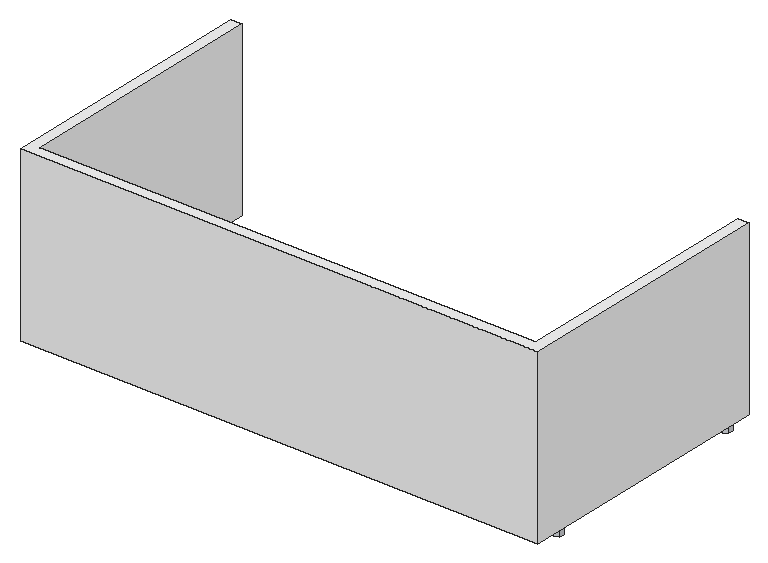
Revit family "WashbasinUnit-BoxFor80cmUnit-Vitra-İntegraSeries-65608+65588+65587", category Furniture Systems, host Face, Revit 2017
Family settings
  Host = Face
  Round Connector Dimension = Use Diameter
  Part Type = Normal
  OmniClass Number = 23.40.00.00
  OmniClass Title = Equipment and Furnishings
  Cut with Voids When Loaded = No
  Shared = Yes
  Room Calculation Point = No
Parameters (values of type "WashbasinUnit-BoxFor80cmUnit-Vitra-İntegraSeries-65587")
  Youtube = "https://www.youtube.com/user/VitrAglobal"
  Width(mm) = 764 mm
  Weight Net (kg) = "6,3"
  Warranty Period (Year) = "2"
  Uniformat II Description = "FURNISHINGS"
  Uniformat II Code = "E20"
  Uniclass 2015 Name = "Wash basins, sinks and troughs"
  Uniclass 2015 Code = "Pr_40_20_93"
  Uniclass 2.0 Description = "Bathroom Cabinets"
  Uniclass 1.4 Description = "Bathroom Cabinets"
  Uniclass 2.0 Code = "PR-35-75-08"
  Uniclass 1.4 Code = "L8241"
  URL = "https://vitraglobal.com/"
  UNSPSC Description = "Bathroom Cabinets"
  UNSPSC Code = "301815"
  Technical description = "http://cdn.vitra.com.tr/501-65587-2A.jpg"
  Tap hole Options (default) = ""
  Specification = ""
  Region South America = "All"
  Region Oceania = "All"
  Region North America = "All"
  Region Middle East = "All"
  Region Europe = "All"
  Region Asia = "All"
  Region Antarctica = "All"
  Region Africa = "All"
  Product url = ""
  Product group = "Washbasin Unit box"
  Product family = "İntegra"
  Product data url = "https://www.vitra-bad.fr/fr/produits-sanitaires/page-de-detail/product/integra-socle-pour-meuble-avec-plan-ceramique-portes-80-cm-blanc-haute-brillance.html"
  Product certification = "https://vitraglobal.com/catalogues/quality-certificates"
  Product SKU = "65587"
  Product Guid = ""
  Primary Material = White
  OmniClass Description = "Bathroom Cabinets"
  OmniClass Code = "23-31 25 13"
  Nominal width = "0.000"
  Nominal height = "0.000"
  NBS Referans Description = "Bathroom Cabinets"
  NBS Referans Code = "35-75-08"
  Model = "65587"
  Masterformat 2014 Description = "Bathroom Unit Modules"
  Masterformat 2014 Code = "13 42 13"
  Manufacturer name = "Vitra"
  Manufacturer = "Vitra"
  Installation instructions = ""
  IFC Classification = "Furniture"
  Height(mm) = 264.037 mm
  Design country = "Turkey"
  Description = "Box for 80cm unit"
  Depth(mm) = 388 mm
  Default Elevation = 0 mm
  Construction Type = "Floor Mounted"
  Color = "White"
  COBIe Type Category = ""
  Brand = "VitrA"
  BIMobject category = "Bathroom compound units"
  Article No. (default) = "65587"
  Accessories (default) = ""
Types (4, lengths in mm): name | Technical description | Product data url | Product SKU | Primary Material | Model | Color | Article No. (default)
  (no name) | "http://cdn.vitra.com.tr/501-65587-2A.jpg" | "https://www.vitra-bad.fr/fr/produits-sanitaires/page-de-detail/product/integra-socle-pour-meuble-avec-plan-ceramique-portes-80-cm-blanc-haute-brillance.html" | "65587" | White | "65587" | "White" | "65587"
  WashbasinUnit-BoxFor80cmUnit-Vitra-İntegraSeries-65587 | "http://cdn.vitra.com.tr/501-65587-2A.jpg" | "https://www.vitra-bad.fr/fr/produits-sanitaires/page-de-detail/product/integra-socle-pour-meuble-avec-plan-ceramique-portes-80-cm-blanc-haute-brillance.html" | "65587" | White | "65587" | "White" | "65587"
  WashbasinUnit-BoxFor80cmUnit-Vitra-İntegraSeries-65588 | "http://cdn.vitra.com.tr/501-65588-2A.jpg" | "https://www.vitra-bad.fr/fr/produits-sanitaires/page-de-detail/product/integra-socle-pour-meuble-avec-plan-ceramique-portes-80-cm-anthracite-haute-brillance.html" | "65588" | Anthracite Gray | "65588" | "Anthracite Gray" | "65588"
  WashbasinUnit-BoxFor80cmUnit-Vitra-İntegraSeries-65608 | "http://cdn.vitra.com.tr/501-65608-2A.jpg" | "https://www.vitra-bad.fr/fr/produits-sanitaires/page-de-detail/product/integra-socle-pour-meuble-avec-plan-ceramique-portes-80-cm-chene-gris-naturel.html" | "65608" | natural gray oak | "65608" | "natural gray oak" | "65608"
Reference planes
  plane 1 "Center (Front/Back)": y = 0
  plane 2: z = -0.016
  plane 3 "Center (Left/Right)": x = 0
  plane 4: x = -284.75
  plane 5: x = 479.25
  plane 6: y = 262
  plane 7: y = -126
  plane 8: z = 264.021
Forms (mm)
  Extrusion 1, solid, material "White" <- "Primary Material"
    sketch origin (-283.75, 76, 264.021) x (-1, 0, 0) y (0, -1, 0)
      loop
        line (-15, 186) -> (-15, -186) -> (1, -186) -> (1, 202) -> (-763, 202) -> (-763, -186) -> (-747, -186) -> (-747, 186) -> (-15, 186)
    from 0 to -254
  Extrusion 2, solid
    sketch origin (0, 0, -0.016) x (1, 0, 0) y (0, 1, 0)
      loop
        line (477.292, -83.534) -> (477.332, -76.535) -> (471.29, -73) -> (465.208, -76.466) -> (465.168, -83.465) -> (471.21, -87) -> (477.292, -83.534)
      loop
        line (477.332, 235.465) -> (471.29, 239) -> (465.208, 235.534) -> (465.168, 228.535) -> (471.21, 225) -> (477.292, 228.466) -> (477.332, 235.465)
      loop
        line (-270.754, 228.387) -> (-270.624, 235.386) -> (-276.619, 238.999) -> (-282.746, 235.613) -> (-282.876, 228.614) -> (-276.881, 225.001) -> (-270.754, 228.387)
      loop
        line (-270.754, -83.613) -> (-270.624, -76.614) -> (-276.619, -73.001) -> (-282.746, -76.387) -> (-282.876, -83.386) -> (-276.881, -86.999) -> (-270.754, -83.613)
    from 0 to 10.037
Dimensions and locks
  "Width(mm)": plane 4 to plane 5
  "Depth(mm)": plane 6 to plane 7
  "Height(mm)": plane 8 to host face
  locked: Extrusion 1 to Extrusion 1 at 16  (x3)
  aligned and locked: plane 2 to host face
  aligned and locked: level to host face
Automatic sketch dimensions
  host sketch curve to host sketch curve = 2438.4 mm  (x2)
  Extrusion 1 sketch curve to Extrusion 1 sketch curve = 16 mm  (x3)
  plane 5 to Extrusion 2 sketch curve = 8.04 mm
  plane 7 to Extrusion 2 sketch curve = 39 mm
  Extrusion 2 sketch curve to Extrusion 2 sketch curve = 6.042 mm  (x2)
  plane 5 to Extrusion 2 sketch curve = 1.958 mm  (x2)
  Extrusion 2 sketch curve to Extrusion 2 sketch curve = 3.465 mm  (x4)
  Extrusion 2 sketch curve to Extrusion 2 sketch curve = 3.534 mm  (x3)
  Extrusion 2 sketch curve to Extrusion 2 sketch curve = 0.04 mm  (x2)
  Extrusion 2 sketch curve to Extrusion 2 sketch curve = 7 mm  (x3)
  Extrusion 2 sketch curve to Extrusion 2 sketch curve = 6.082 mm  (x3)
  plane 5 to Extrusion 2 sketch curve = 1.918 mm  (x2)
  Extrusion 2 sketch curve to plane 6 = 33.534 mm
  Extrusion 2 sketch curve to plane 4 = 7.869 mm  (x2)
  Extrusion 2 sketch curve to plane 6 = 36.999 mm
  Extrusion 2 sketch curve to Extrusion 2 sketch curve = 6.126 mm  (x4)
  Extrusion 2 sketch curve to plane 4 = 1.874 mm  (x2)
  Extrusion 2 sketch curve to Extrusion 2 sketch curve = 3.386 mm  (x4)
  Extrusion 2 sketch curve to Extrusion 2 sketch curve = 3.613 mm  (x4)
  Extrusion 2 sketch curve to plane 4 = 2.004 mm  (x2)
  Extrusion 2 sketch curve to Extrusion 2 sketch curve = 6.999 mm  (x2)
  Extrusion 2 sketch curve to Extrusion 2 sketch curve = 5.996 mm  (x2)
  plane 7 to Extrusion 2 sketch curve = 39.001 mm
  Extrusion 1 sketch curve to plane 5 = 0 mm
  Extrusion 1 sketch curve to plane 6 = 0 mm  (x2)
  Extrusion 1 sketch curve to plane 4 = 0 mm
  Extrusion 1 sketch curve to plane 7 = 0 mm
